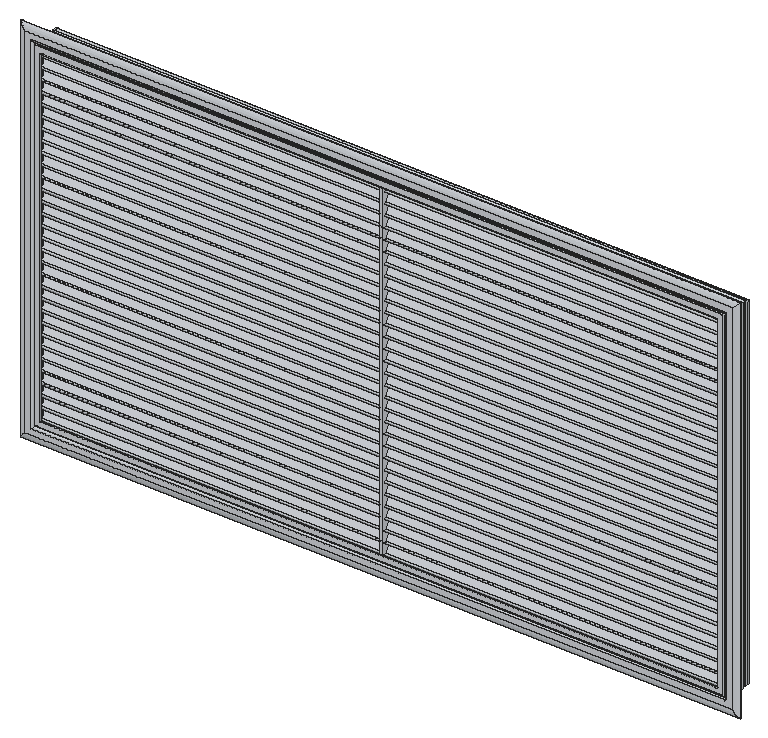
Revit family "10402_GMHB", category Air Terminals, Revit 2012
Parameters (values of type "GMHB")
  Visible_Texto = or(Medida_Requerida_Horizontal < 6", Medida_Requerida_Horizontal > 48", Medida_Requerida_Vertical < 6", Medida_Requerida_Vertical > 24", not(and(Medida_Requerida_Horizontal = Var1_H, Medida_Requerida_Vertical = Var1_V)))  # no
  Var1_V = if(Medida_Requerida_Vertical < 6", 6", if(Medida_Requerida_Vertical > 24", 24", rounddown(Medida_Requerida_Vertical / 2") * 2"))  # 24"
  Var1_H = if(Medida_Requerida_Horizontal < 6", 6", if(Medida_Requerida_Horizontal > 48", 48", rounddown(Medida_Requerida_Horizontal / 2") * 2"))  # 48"
  URL = "https://www.innes.com.mx"
  Type Comments = "Separación entre aletas de 3/4\""
  Tipo de Cuello = "Cuadrado/Rectangular"
  Posición de Instalación = "Muro"
  Nota1 = if(Medida_Requerida_Horizontal < 6", "Medida horizontal no disponible, mínimo 6 in", if(Medida_Requerida_Horizontal > 48", "Medida horizontal no disponible, máximo 48 in", if(Medida_Requerida_Vertical < 6", "Medida vertical no disponible, mínimo 6 in", if(Medida_Requerida_Vertical > 24", "Medida vertical no disponible, máximo 24 in", if(and(Medida_Requerida_Horizontal = Var1_H, Medida_Requerida_Vertical = Var1_V), ".", "Medida no Válida. Sólo incrementos de 2 in")))))  # "."
  Model = "GMHB"
  Medida_Requerida_Vertical = 24"
  Medida_Requerida_Horizontal = 48"
  Material = "Aluminio"
  Manufacturer = "INNES"
  Incrementos de Cuello = "de 2\""
  Función = "Extracción/Retorno"
  Description = "Rejilla de extracción o retorno"
  Deflexión = "a 30°"
  Cuello Mín-Máx Rectangular = "Desde 8\"x6\" a 48\"x24\""
  Cuello Mín-Máx Cuadrado = "Desde 6\"x6\" a 24\"x24\""
  Conect_V = if(Medida_Requerida_Vertical < 6", 5 7/8", if(Medida_Requerida_Vertical > 24", 23 7/8", (rounddown(Medida_Requerida_Vertical / 2") * 2") - 1/8"))  # 23 7/8"
  Conect_H = if(Medida_Requerida_Horizontal < 6", 5 7/8", if(Medida_Requerida_Horizontal > 48", 47 7/8", (rounddown(Medida_Requerida_Horizontal / 2") * 2") - 1/8"))  # 47 7/8"
Reference planes (in)
  plane 1 "Center (Front/Back)": y = 0
  plane 2: z = 0
  plane 3 "Center (Left/Right)": x = 0
  plane 4 "Conect": y = 1.4979191
Nested families (in)
  nested 1: "GMHB" at (0, 0, 0), type "GMHB"
  nested 2: "Texto_GMHB" at (-9.7609558, -52.6088265, 0) x (0.7071, -0.7071, 0) z (0, 0, 1), type "texto"
    with Visible_Texto no
Connectors (in)
  hvac at (0, 1.4979191, 0), driven by "Conect_H", driven by "Conect_V"
    settings: index 1, duct flow 0.0 L/s, flow factor 0, pres drop 0.0 Pa, loss coef 0, conn angle 0.00°, conn width 1216.025 mm, conn height 606.425 mm, conn radius 304.8 mm, duct sys type 1, conn prof type 1, flow config 0, flow direction 0, loss method 0, conn ref index -1, conn util no, is conn primary yes, conn desc ""
Definition of nested family "GMHB"
  Parameters (values of type "GMHB")
    No_Aletas = (Medida_Real_V / 3/4") - 1  # 31
    Largo_aleta = Medida_Real_H - 3/8"  # 47 1/2"
    Alto_Division = Medida_Real_V - 3/8"  # 23 1/2"
    Medida_Requerida_V = 24"
    Medida_Requerida_H = 48"
    Medida_Real_V = if(Medida_Requerida_V < 6", 5 7/8", if(Medida_Requerida_V > 24", 23 7/8", (rounddown(Medida_Requerida_V / 2") * 2") - 1/8"))  # 23 7/8"
    Medida_Real_H = if(Medida_Requerida_H < 6", 5 7/8", if(Medida_Requerida_H > 48", 47 7/8", (rounddown(Medida_Requerida_H / 2") * 2") - 1/8"))  # 47 7/8"
  Reference planes (in)
    plane 1 "Center (Front/Back)": y = 0
    plane 2: z = 0
    plane 3 "Center (Left/Right)": x = 0
  Forms (in)
    Sweep 1, solid
      path origin (0, 0, 0) x (1, 0, 0) y (0, 0, 1)
        loop
          line (23.9375, 11.9375) -> (-23.9375, 11.9375) -> (-23.9375, -11.9375) -> (23.9375, -11.9375) -> (23.9375, 11.9375)
      profile origin (23.9375, 0, -11.9375) x (0, -1, 0) y (1, 0, 0)
        loop
          line (-1.11, 0) -> (-1.4979191, 0) -> (-1.62, -0.1068207) -> (-1.69, -0.1068207) -> (-1.76, -0.0368207) -> (-2.0027674, -0.0368207)
          arc (-2.0027674, -0.0368207) -> (-2.0281581, -0.0622114) -> (-2.0027674, -0.087602) r 0.0253906
          line (-2.0027674, -0.087602) -> (-1.7810343, -0.087602) -> (-1.7110343, -0.157602) -> (-1.6009197, -0.157602) -> (-1.4788388, -0.0507812) -> (-1.1419533, -0.0507812) -> (-1.0219533, -0.3007812) -> (-0.8692187, -0.3007812) -> (-0.8692187, -0.5407812)
          arc (-0.8692187, -0.5407812) -> (-0.8438281, -0.5661719) -> (-0.8184375, -0.5407812) r 0.0253906
          line (-0.8184375, -0.5407812) -> (-0.8184375, -0.1615625) -> (-0.67, -0.1615625)
          arc (-0.67, -0.1615625) -> (-0.6553553, -0.1969178) -> (-0.62, -0.2115625) r 0.05
          line (-0.62, -0.2115625) -> (-0.2492187, -0.2115625)
          arc (-0.2492187, -0.2115625) -> (-0.2138634, -0.1969178) -> (-0.1992188, -0.1615625) r 0.05
          line (-0.1992188, -0.1615625) -> (-0.0746202, -0.1615625)
          arc (-0.0746202, -0.1615625) -> (-0.0577635, -0.1685448) -> (-0.0507812, -0.1854015) r 0.023839
          line (-0.0507812, -0.1854015) -> (-0.0507812, -0.5407812)
          arc (-0.0507812, -0.5407812) -> (-0.0253906, -0.5661719) -> (0, -0.5407812) r 0.0253906
          line (0, -0.5407812) -> (0, -0.1632)
          arc (0, -0.1632) -> (-0.0153531, -0.1261343) -> (-0.0524187, -0.1107812) r 0.0524187
          line (-0.0524187, -0.1107812) -> (-0.1992188, -0.1107812)
          arc (-0.1992188, -0.1107812) -> (-0.2345741, -0.1254259) -> (-0.2492188, -0.1607812) r 0.05
          line (-0.2492188, -0.1607812) -> (-0.62, -0.1607812)
          arc (-0.62, -0.1607812) -> (-0.6346447, -0.1254259) -> (-0.67, -0.1107812) r 0.05
          line (-0.67, -0.1107812) -> (-0.8076048, -0.1107812)
          arc (-0.8076048, -0.1107812) -> (-0.8511724, -0.1288276) -> (-0.8692187, -0.1723952) r 0.0616139
          line (-0.8692187, -0.1723952) -> (-0.8692187, -0.0507812) -> (-0.1335845, -0.0507812)
          arc (-0.1335845, -0.0507812) -> (-0.039126, -0.0116553) -> (0, 0.0828033) r 0.1335845
          line (0, 0.0828033) -> (0, 0.4998699)
          arc (0, 0.4998699) -> (-0.0346539, 0.7289355) -> (-0.1355141, 0.9375) r 0.7743996
          line (-0.1355141, 0.9375) -> (-0.17, 0.9375) -> (-0.17, 0.6375) -> (-0.12, 0.6375) -> (-0.12, 0.5175) -> (-0.17, 0.5175) -> (-0.17, 0.3475) -> (-0.12, 0.3475) -> (-0.12, 0.3975) -> (-0.07, 0.3975) -> (-0.07, 0) -> (-0.12, 0) -> (-0.12, 0.075395) -> (-0.17, 0.075395) -> (-0.17, 0) -> (-0.92, 0) -> (-0.92, -0.25) -> (-0.99, -0.25) -> (-1.11, 0)
    Extrusion 2, solid
      sketch origin (-23.7259375, 0.62, 11.7259375) x (0, -1, 0) y (-1, 0, 0)
        loop
          line (0.4207813, -23.6511571) -> (-0.1984375, -23.6511571) -> (-0.1984375, -23.8007179) -> (0.4207813, -23.8007179) -> (0.4207813, -23.6511571)
      from 0 to 23.5 <- "Alto_Division"
    Extrusion 3, solid
      sketch origin (-23.6693207, -9.423887, 5.8365738) x (0, 0, 1) y (0, -1, 0)
        loop
          line (5.1770541, -9.9330682) -> (5.6100668, -10.1830682)
          arc (5.6100668, -10.1830682) -> (5.6500871, -10.1723448) -> (5.6393637, -10.1323245) r 0.0292969
          line (5.6393637, -10.1323245) -> (5.206351, -9.8823245)
          arc (5.206351, -9.8823245) -> (5.0579514, -9.8304751) -> (5.1770541, -9.9330682) r 0.08
      from 0 to 47.5 <- "Largo_aleta"
    Extrusion 4, solid, not visible
      sketch origin (-8.7259375, 0.6913336, -9.8550318) x (0, 0, 1) y (0, -1, 0)
        loop
          line (8.1770541, -9.9330682) -> (8.6100668, -10.1830682)
          arc (8.6100668, -10.1830682) -> (8.6500871, -10.1723448) -> (8.6393637, -10.1323245) r 0.0292969
          line (8.6393637, -10.1323245) -> (8.206351, -9.8823245)
          arc (8.206351, -9.8823245) -> (8.0579514, -9.8304751) -> (8.1770541, -9.9330682) r 0.08
      from 0 to 12
    Extrusion 5, solid
      sketch origin (-23.6693207, -9.423887, 5.0865738) x (0, 0, 1) y (0, -1, 0)
        loop
          line (5.1770541, -9.9330682) -> (5.6100668, -10.1830682)
          arc (5.6100668, -10.1830682) -> (5.6500871, -10.1723448) -> (5.6393637, -10.1323245) r 0.0292969
          line (5.6393637, -10.1323245) -> (5.206351, -9.8823245)
          arc (5.206351, -9.8823245) -> (5.0579514, -9.8304751) -> (5.1770541, -9.9330682) r 0.08
      from 0 to 47.5 <- "Largo_aleta"
    Extrusion 6, solid
      sketch origin (-23.6693207, -9.423887, 4.3365738) x (0, 0, 1) y (0, -1, 0)
        loop
          line (5.1770541, -9.9330682) -> (5.6100668, -10.1830682)
          arc (5.6100668, -10.1830682) -> (5.6500871, -10.1723448) -> (5.6393637, -10.1323245) r 0.0292969
          line (5.6393637, -10.1323245) -> (5.206351, -9.8823245)
          arc (5.206351, -9.8823245) -> (5.0579514, -9.8304751) -> (5.1770541, -9.9330682) r 0.08
      from 0 to 47.5 <- "Largo_aleta"
    Extrusion 7, solid
      sketch origin (-23.6693207, -9.423887, 3.5865738) x (0, 0, 1) y (0, -1, 0)
        loop
          line (5.1770541, -9.9330682) -> (5.6100668, -10.1830682)
          arc (5.6100668, -10.1830682) -> (5.6500871, -10.1723448) -> (5.6393637, -10.1323245) r 0.0292969
          line (5.6393637, -10.1323245) -> (5.206351, -9.8823245)
          arc (5.206351, -9.8823245) -> (5.0579514, -9.8304751) -> (5.1770541, -9.9330682) r 0.08
      from 0 to 47.5 <- "Largo_aleta"
    Extrusion 8, solid
      sketch origin (-23.6693207, -9.423887, 2.8365738) x (0, 0, 1) y (0, -1, 0)
        loop
          line (5.1770541, -9.9330682) -> (5.6100668, -10.1830682)
          arc (5.6100668, -10.1830682) -> (5.6500871, -10.1723448) -> (5.6393637, -10.1323245) r 0.0292969
          line (5.6393637, -10.1323245) -> (5.206351, -9.8823245)
          arc (5.206351, -9.8823245) -> (5.0579514, -9.8304751) -> (5.1770541, -9.9330682) r 0.08
      from 0 to 47.5 <- "Largo_aleta"
    Extrusion 9, solid
      sketch origin (-23.6693207, -9.423887, 2.0865738) x (0, 0, 1) y (0, -1, 0)
        loop
          line (5.1770541, -9.9330682) -> (5.6100668, -10.1830682)
          arc (5.6100668, -10.1830682) -> (5.6500871, -10.1723448) -> (5.6393637, -10.1323245) r 0.0292969
          line (5.6393637, -10.1323245) -> (5.206351, -9.8823245)
          arc (5.206351, -9.8823245) -> (5.0579514, -9.8304751) -> (5.1770541, -9.9330682) r 0.08
      from 0 to 47.5 <- "Largo_aleta"
    Extrusion 10, solid
      sketch origin (-23.6693207, -9.423887, 1.3365738) x (0, 0, 1) y (0, -1, 0)
        loop
          line (5.1770541, -9.9330682) -> (5.6100668, -10.1830682)
          arc (5.6100668, -10.1830682) -> (5.6500871, -10.1723448) -> (5.6393637, -10.1323245) r 0.0292969
          line (5.6393637, -10.1323245) -> (5.206351, -9.8823245)
          arc (5.206351, -9.8823245) -> (5.0579514, -9.8304751) -> (5.1770541, -9.9330682) r 0.08
      from 0 to 47.5 <- "Largo_aleta"
    Extrusion 11, solid
      sketch origin (-23.6693207, -9.423887, 0.5865738) x (0, 0, 1) y (0, -1, 0)
        loop
          line (5.1770541, -9.9330682) -> (5.6100668, -10.1830682)
          arc (5.6100668, -10.1830682) -> (5.6500871, -10.1723448) -> (5.6393637, -10.1323245) r 0.0292969
          line (5.6393637, -10.1323245) -> (5.206351, -9.8823245)
          arc (5.206351, -9.8823245) -> (5.0579514, -9.8304751) -> (5.1770541, -9.9330682) r 0.08
      from 0 to 47.5 <- "Largo_aleta"
    Extrusion 12, solid
      sketch origin (-23.6693207, -9.423887, -0.1634262) x (0, 0, 1) y (0, -1, 0)
        loop
          line (5.1770541, -9.9330682) -> (5.6100668, -10.1830682)
          arc (5.6100668, -10.1830682) -> (5.6500871, -10.1723448) -> (5.6393637, -10.1323245) r 0.0292969
          line (5.6393637, -10.1323245) -> (5.206351, -9.8823245)
          arc (5.206351, -9.8823245) -> (5.0579514, -9.8304751) -> (5.1770541, -9.9330682) r 0.08
      from 0 to 47.5 <- "Largo_aleta"
    Extrusion 13, solid
      sketch origin (-23.6693207, -9.423887, -0.9134262) x (0, 0, 1) y (0, -1, 0)
        loop
          line (5.1770541, -9.9330682) -> (5.6100668, -10.1830682)
          arc (5.6100668, -10.1830682) -> (5.6500871, -10.1723448) -> (5.6393637, -10.1323245) r 0.0292969
          line (5.6393637, -10.1323245) -> (5.206351, -9.8823245)
          arc (5.206351, -9.8823245) -> (5.0579514, -9.8304751) -> (5.1770541, -9.9330682) r 0.08
      from 0 to 47.5 <- "Largo_aleta"
    Extrusion 14, solid
      sketch origin (-23.6693207, -9.423887, -1.6634262) x (0, 0, 1) y (0, -1, 0)
        loop
          line (5.1770541, -9.9330682) -> (5.6100668, -10.1830682)
          arc (5.6100668, -10.1830682) -> (5.6500871, -10.1723448) -> (5.6393637, -10.1323245) r 0.0292969
          line (5.6393637, -10.1323245) -> (5.206351, -9.8823245)
          arc (5.206351, -9.8823245) -> (5.0579514, -9.8304751) -> (5.1770541, -9.9330682) r 0.08
      from 0 to 47.5 <- "Largo_aleta"
    Extrusion 15, solid
      sketch origin (-23.6693207, -9.423887, -2.4134262) x (0, 0, 1) y (0, -1, 0)
        loop
          line (5.1770541, -9.9330682) -> (5.6100668, -10.1830682)
          arc (5.6100668, -10.1830682) -> (5.6500871, -10.1723448) -> (5.6393637, -10.1323245) r 0.0292969
          line (5.6393637, -10.1323245) -> (5.206351, -9.8823245)
          arc (5.206351, -9.8823245) -> (5.0579514, -9.8304751) -> (5.1770541, -9.9330682) r 0.08
      from 0 to 47.5 <- "Largo_aleta"
    Extrusion 16, solid
      sketch origin (-23.6693207, -9.423887, -3.1634262) x (0, 0, 1) y (0, -1, 0)
        loop
          line (5.1770541, -9.9330682) -> (5.6100668, -10.1830682)
          arc (5.6100668, -10.1830682) -> (5.6500871, -10.1723448) -> (5.6393637, -10.1323245) r 0.0292969
          line (5.6393637, -10.1323245) -> (5.206351, -9.8823245)
          arc (5.206351, -9.8823245) -> (5.0579514, -9.8304751) -> (5.1770541, -9.9330682) r 0.08
      from 0 to 47.5 <- "Largo_aleta"
    Extrusion 17, solid
      sketch origin (-23.6693207, -9.423887, -3.9134262) x (0, 0, 1) y (0, -1, 0)
        loop
          line (5.1770541, -9.9330682) -> (5.6100668, -10.1830682)
          arc (5.6100668, -10.1830682) -> (5.6500871, -10.1723448) -> (5.6393637, -10.1323245) r 0.0292969
          line (5.6393637, -10.1323245) -> (5.206351, -9.8823245)
          arc (5.206351, -9.8823245) -> (5.0579514, -9.8304751) -> (5.1770541, -9.9330682) r 0.08
      from 0 to 47.5 <- "Largo_aleta"
    Extrusion 18, solid
      sketch origin (-23.6693207, -9.423887, -4.6634262) x (0, 0, 1) y (0, -1, 0)
        loop
          line (5.1770541, -9.9330682) -> (5.6100668, -10.1830682)
          arc (5.6100668, -10.1830682) -> (5.6500871, -10.1723448) -> (5.6393637, -10.1323245) r 0.0292969
          line (5.6393637, -10.1323245) -> (5.206351, -9.8823245)
          arc (5.206351, -9.8823245) -> (5.0579514, -9.8304751) -> (5.1770541, -9.9330682) r 0.08
      from 0 to 47.5 <- "Largo_aleta"
    Extrusion 19, solid
      sketch origin (-23.6693207, -9.423887, -5.4134262) x (0, 0, 1) y (0, -1, 0)
        loop
          line (5.1770541, -9.9330682) -> (5.6100668, -10.1830682)
          arc (5.6100668, -10.1830682) -> (5.6500871, -10.1723448) -> (5.6393637, -10.1323245) r 0.0292969
          line (5.6393637, -10.1323245) -> (5.206351, -9.8823245)
          arc (5.206351, -9.8823245) -> (5.0579514, -9.8304751) -> (5.1770541, -9.9330682) r 0.08
      from 0 to 47.5 <- "Largo_aleta"
    Extrusion 20, solid
      sketch origin (-23.6693207, -9.423887, -6.1634262) x (0, 0, 1) y (0, -1, 0)
        loop
          line (5.1770541, -9.9330682) -> (5.6100668, -10.1830682)
          arc (5.6100668, -10.1830682) -> (5.6500871, -10.1723448) -> (5.6393637, -10.1323245) r 0.0292969
          line (5.6393637, -10.1323245) -> (5.206351, -9.8823245)
          arc (5.206351, -9.8823245) -> (5.0579514, -9.8304751) -> (5.1770541, -9.9330682) r 0.08
      from 0 to 47.5 <- "Largo_aleta"
    Extrusion 21, solid
      sketch origin (-23.6693207, -9.423887, -6.9134262) x (0, 0, 1) y (0, -1, 0)
        loop
          line (5.1770541, -9.9330682) -> (5.6100668, -10.1830682)
          arc (5.6100668, -10.1830682) -> (5.6500871, -10.1723448) -> (5.6393637, -10.1323245) r 0.0292969
          line (5.6393637, -10.1323245) -> (5.206351, -9.8823245)
          arc (5.206351, -9.8823245) -> (5.0579514, -9.8304751) -> (5.1770541, -9.9330682) r 0.08
      from 0 to 47.5 <- "Largo_aleta"
    Extrusion 22, solid
      sketch origin (-23.6693207, -9.423887, -7.6634262) x (0, 0, 1) y (0, -1, 0)
        loop
          line (5.1770541, -9.9330682) -> (5.6100668, -10.1830682)
          arc (5.6100668, -10.1830682) -> (5.6500871, -10.1723448) -> (5.6393637, -10.1323245) r 0.0292969
          line (5.6393637, -10.1323245) -> (5.206351, -9.8823245)
          arc (5.206351, -9.8823245) -> (5.0579514, -9.8304751) -> (5.1770541, -9.9330682) r 0.08
      from 0 to 47.5 <- "Largo_aleta"
    Extrusion 23, solid
      sketch origin (-23.6693207, -9.423887, -8.4134262) x (0, 0, 1) y (0, -1, 0)
        loop
          line (5.1770541, -9.9330682) -> (5.6100668, -10.1830682)
          arc (5.6100668, -10.1830682) -> (5.6500871, -10.1723448) -> (5.6393637, -10.1323245) r 0.0292969
          line (5.6393637, -10.1323245) -> (5.206351, -9.8823245)
          arc (5.206351, -9.8823245) -> (5.0579514, -9.8304751) -> (5.1770541, -9.9330682) r 0.08
      from 0 to 47.5 <- "Largo_aleta"
    Extrusion 24, solid
      sketch origin (-23.6693207, -9.423887, -9.1634262) x (0, 0, 1) y (0, -1, 0)
        loop
          line (5.1770541, -9.9330682) -> (5.6100668, -10.1830682)
          arc (5.6100668, -10.1830682) -> (5.6500871, -10.1723448) -> (5.6393637, -10.1323245) r 0.0292969
          line (5.6393637, -10.1323245) -> (5.206351, -9.8823245)
          arc (5.206351, -9.8823245) -> (5.0579514, -9.8304751) -> (5.1770541, -9.9330682) r 0.08
      from 0 to 47.5 <- "Largo_aleta"
    Extrusion 25, solid
      sketch origin (-23.6693207, -9.423887, -9.9134262) x (0, 0, 1) y (0, -1, 0)
        loop
          line (5.1770541, -9.9330682) -> (5.6100668, -10.1830682)
          arc (5.6100668, -10.1830682) -> (5.6500871, -10.1723448) -> (5.6393637, -10.1323245) r 0.0292969
          line (5.6393637, -10.1323245) -> (5.206351, -9.8823245)
          arc (5.206351, -9.8823245) -> (5.0579514, -9.8304751) -> (5.1770541, -9.9330682) r 0.08
      from 0 to 47.5 <- "Largo_aleta"
    Extrusion 26, solid
      sketch origin (-23.6693207, -9.423887, -10.6634262) x (0, 0, 1) y (0, -1, 0)
        loop
          line (5.1770541, -9.9330682) -> (5.6100668, -10.1830682)
          arc (5.6100668, -10.1830682) -> (5.6500871, -10.1723448) -> (5.6393637, -10.1323245) r 0.0292969
          line (5.6393637, -10.1323245) -> (5.206351, -9.8823245)
          arc (5.206351, -9.8823245) -> (5.0579514, -9.8304751) -> (5.1770541, -9.9330682) r 0.08
      from 0 to 47.5 <- "Largo_aleta"
    Extrusion 27, solid
      sketch origin (-23.6693207, -9.423887, -11.4134262) x (0, 0, 1) y (0, -1, 0)
        loop
          line (5.1770541, -9.9330682) -> (5.6100668, -10.1830682)
          arc (5.6100668, -10.1830682) -> (5.6500871, -10.1723448) -> (5.6393637, -10.1323245) r 0.0292969
          line (5.6393637, -10.1323245) -> (5.206351, -9.8823245)
          arc (5.206351, -9.8823245) -> (5.0579514, -9.8304751) -> (5.1770541, -9.9330682) r 0.08
      from 0 to 47.5 <- "Largo_aleta"
    Extrusion 28, solid
      sketch origin (-23.6693207, -9.423887, -12.1634262) x (0, 0, 1) y (0, -1, 0)
        loop
          line (5.1770541, -9.9330682) -> (5.6100668, -10.1830682)
          arc (5.6100668, -10.1830682) -> (5.6500871, -10.1723448) -> (5.6393637, -10.1323245) r 0.0292969
          line (5.6393637, -10.1323245) -> (5.206351, -9.8823245)
          arc (5.206351, -9.8823245) -> (5.0579514, -9.8304751) -> (5.1770541, -9.9330682) r 0.08
      from 0 to 47.5 <- "Largo_aleta"
    Extrusion 29, solid
      sketch origin (-23.6693207, -9.423887, -12.9134262) x (0, 0, 1) y (0, -1, 0)
        loop
          line (5.1770541, -9.9330682) -> (5.6100668, -10.1830682)
          arc (5.6100668, -10.1830682) -> (5.6500871, -10.1723448) -> (5.6393637, -10.1323245) r 0.0292969
          line (5.6393637, -10.1323245) -> (5.206351, -9.8823245)
          arc (5.206351, -9.8823245) -> (5.0579514, -9.8304751) -> (5.1770541, -9.9330682) r 0.08
      from 0 to 47.5 <- "Largo_aleta"
    Extrusion 30, solid
      sketch origin (-23.6693207, -9.423887, -13.6634262) x (0, 0, 1) y (0, -1, 0)
        loop
          line (5.1770541, -9.9330682) -> (5.6100668, -10.1830682)
          arc (5.6100668, -10.1830682) -> (5.6500871, -10.1723448) -> (5.6393637, -10.1323245) r 0.0292969
          line (5.6393637, -10.1323245) -> (5.206351, -9.8823245)
          arc (5.206351, -9.8823245) -> (5.0579514, -9.8304751) -> (5.1770541, -9.9330682) r 0.08
      from 0 to 47.5 <- "Largo_aleta"
    Extrusion 31, solid
      sketch origin (-23.6693207, -9.423887, -14.4134262) x (0, 0, 1) y (0, -1, 0)
        loop
          line (5.1770541, -9.9330682) -> (5.6100668, -10.1830682)
          arc (5.6100668, -10.1830682) -> (5.6500871, -10.1723448) -> (5.6393637, -10.1323245) r 0.0292969
          line (5.6393637, -10.1323245) -> (5.206351, -9.8823245)
          arc (5.206351, -9.8823245) -> (5.0579514, -9.8304751) -> (5.1770541, -9.9330682) r 0.08
      from 0 to 47.5 <- "Largo_aleta"
    Extrusion 32, solid
      sketch origin (-23.6693207, -9.423887, -15.1634262) x (0, 0, 1) y (0, -1, 0)
        loop
          line (5.1770541, -9.9330682) -> (5.6100668, -10.1830682)
          arc (5.6100668, -10.1830682) -> (5.6500871, -10.1723448) -> (5.6393637, -10.1323245) r 0.0292969
          line (5.6393637, -10.1323245) -> (5.206351, -9.8823245)
          arc (5.206351, -9.8823245) -> (5.0579514, -9.8304751) -> (5.1770541, -9.9330682) r 0.08
      from 0 to 47.5 <- "Largo_aleta"
    Extrusion 33, solid
      sketch origin (-23.6693207, -9.423887, -15.9134262) x (0, 0, 1) y (0, -1, 0)
        loop
          line (5.1770541, -9.9330682) -> (5.6100668, -10.1830682)
          arc (5.6100668, -10.1830682) -> (5.6500871, -10.1723448) -> (5.6393637, -10.1323245) r 0.0292969
          line (5.6393637, -10.1323245) -> (5.206351, -9.8823245)
          arc (5.206351, -9.8823245) -> (5.0579514, -9.8304751) -> (5.1770541, -9.9330682) r 0.08
      from 0 to 47.5 <- "Largo_aleta"
    Extrusion 34, solid
      sketch origin (-23.6693207, -9.423887, -16.6634262) x (0, 0, 1) y (0, -1, 0)
        loop
          line (5.1770541, -9.9330682) -> (5.6100668, -10.1830682)
          arc (5.6100668, -10.1830682) -> (5.6500871, -10.1723448) -> (5.6393637, -10.1323245) r 0.0292969
          line (5.6393637, -10.1323245) -> (5.206351, -9.8823245)
          arc (5.206351, -9.8823245) -> (5.0579514, -9.8304751) -> (5.1770541, -9.9330682) r 0.08
      from 0 to 47.5 <- "Largo_aleta"
  Dimensions and locks (in)
    "Medida_Real_H": Sweep 1 to Sweep 1
    equal spacing: Sweep 1, plane 3 "Center (Left/Right)", Sweep 1
    "Medida_Real_V": Sweep 1 to Sweep 1
    equal spacing: Sweep 1, level, Sweep 1
    equal spacing: Extrusion 2 sketch curve, plane 3 "Center (Left/Right)", Extrusion 2 sketch curve
    locked: Extrusion 2 to Extrusion 2 at 0.1495608
    locked: Extrusion 3 to Sweep 1 at 0.25
    locked: Extrusion 3 to Sweep 1 at 0.11
    equal spacing: group 2, group 3, group 4, group 5, group 6, group 7, group 8, group 9, group 10, group 11, group 12, group 13, group 14, group 15, group 16, group 17, group 18, group 19, group 20, group 21, group 22, group 23, group 24, group 25, group 26, group 27, group 28, group 29, group 30, group 31, group 32  (x2)
    equal spacing: group 32, group 31, group 30, group 29, group 28, group 27, group 26, group 25, group 24, group 23, group 22, group 21, group 20, group 19, group 18, group 17, group 16, group 15, group 14, group 13, group 12, group 11, group 10, group 9, group 8, group 7, group 6, group 5, group 4, group 3, group 2
    locked: Extrusion 5 to Sweep 1 at 0.11
    locked: Extrusion 3 to Extrusion 5 at 0.75
    aligned and locked: Sweep 1 to Extrusion 3
    aligned and locked: Extrusion 5 to Extrusion 3
  Automatic sketch dimensions
    Sweep 1 sketch curve to plane 3 "Center (Left/Right)" = 23 15/16"
    plane 3 "Center (Left/Right)" to Sweep 1 sketch curve = 23 15/16"
    Sweep 1 sketch curve to level = 11 15/16"
    level to Sweep 1 sketch curve = 11 15/16"
    profile plane to Sweep 1 sketch curve = 0.03682"
    Sweep 1 sketch curve to profile plane = 0"  (x3)
    plane 1 "Center (Front/Back)" to Sweep 1 sketch curve = 0"  (x2)
    Sweep 1 sketch curve to Sweep 1 sketch curve = 0.02539"  (x2)
    Sweep 1 sketch curve to Sweep 1 sketch curve = 0.00164"
    Sweep 1 sketch curve to plane 1 "Center (Front/Back)" = 0.07"
    Sweep 1 sketch curve to Sweep 1 sketch curve = 0.0222"
    Sweep 1 sketch curve to Sweep 1 sketch curve = 0.05"  (x7)
    Sweep 1 sketch curve to plane 1 "Center (Front/Back)" = 0.12"
    Sweep 1 sketch curve to Sweep 1 sketch curve = 0.01358"
    Sweep 1 sketch curve to plane 1 "Center (Front/Back)" = 0.13551"
    Sweep 1 sketch curve to Sweep 1 sketch curve = 0.03449"
    Sweep 1 sketch curve to Sweep 1 sketch curve = 0.06563"
    Sweep 1 sketch curve to Sweep 1 sketch curve = 0"  (x5)
    profile plane to Sweep 1 sketch curve = 0.21156"
    Sweep 1 sketch curve to Sweep 1 sketch curve = 0.37078"
    Sweep 1 sketch curve to Sweep 1 sketch curve = 0.6044"
    Sweep 1 sketch curve to Sweep 1 sketch curve = 0.1376"
    Sweep 1 sketch curve to Sweep 1 sketch curve = 0.01083"  (x2)
    Sweep 1 sketch curve to Sweep 1 sketch curve = 0.06161"
    Sweep 1 sketch curve to Sweep 1 sketch curve = 13/256"  (x3)
    profile plane to Sweep 1 sketch curve = 1/4"
    Sweep 1 sketch curve to Sweep 1 sketch curve = 0.07"  (x3)
    Sweep 1 sketch curve to Sweep 1 sketch curve = 0.03195"  (x2)
    Sweep 1 sketch curve to Sweep 1 sketch curve = 0.19"
    profile plane to Sweep 1 sketch curve = 13/256"  (x2)
    Sweep 1 sketch curve to Sweep 1 sketch curve = 0.33689"
    Sweep 1 sketch curve to Sweep 1 sketch curve = 0.01908"  (x2)
    Sweep 1 sketch curve to Sweep 1 sketch curve = 0.12208"
    profile plane to Sweep 1 sketch curve = 0.10682"
    Sweep 1 sketch curve to Sweep 1 sketch curve = 0.02103"  (x2)
    profile plane to Sweep 1 sketch curve = 0.0876"
    Sweep 1 sketch curve to Sweep 1 sketch curve = 0.22173"
    Sweep 1 sketch curve to Sweep 1 sketch curve = 0.24"
    Sweep 1 sketch curve to Sweep 1 sketch curve = 0.35538"
    Sweep 1 sketch curve to Sweep 1 sketch curve = 0.00741"
    Sweep 1 sketch curve to Sweep 1 sketch curve = 0.2647"
    Sweep 1 sketch curve to Sweep 1 sketch curve = 0.10237"
    Sweep 1 sketch curve to Sweep 1 sketch curve = 0.12"  (x2)
    Sweep 1 to Extrusion 2 sketch curve = 0.19844"
    Extrusion 2 sketch curve to Sweep 1 = 0.05"
    Extrusion 2 sketch curve to Sweep 1 = 23.65116"
    Extrusion 3 sketch curve to Extrusion 3 sketch curve = 0.04982"
    Extrusion 3 sketch curve to Extrusion 3 sketch curve = 0.0293"
    Extrusion 3 sketch curve to Extrusion 3 sketch curve = 0.43301"
    Extrusion 3 sketch curve to Extrusion 3 sketch curve = 0.01465"  (x2)
    Extrusion 3 sketch curve to Extrusion 3 sketch curve = 0.02537"
    Extrusion 3 sketch curve to Extrusion 3 sketch curve = 1/4"
    Extrusion 3 sketch curve to Extrusion 3 sketch curve = 0.05074"
    Extrusion 4 sketch curve to Extrusion 4 sketch curve = 0.04982"
    Extrusion 4 sketch curve to Extrusion 4 sketch curve = 0.0293"
    Extrusion 4 sketch curve to Extrusion 4 sketch curve = 0.43301"
    Extrusion 4 sketch curve to Extrusion 4 sketch curve = 0.01465"  (x2)
    Extrusion 4 sketch curve to Extrusion 4 sketch curve = 0.02537"
    Extrusion 4 sketch curve to Extrusion 4 sketch curve = 1/4"
    Extrusion 4 sketch curve to Extrusion 4 sketch curve = 0.05074"
    Extrusion 5 sketch curve to Extrusion 5 sketch curve = 0.04982"
    Extrusion 5 sketch curve to Extrusion 5 sketch curve = 0.0293"
    Extrusion 5 sketch curve to Extrusion 5 sketch curve = 0.43301"
    Extrusion 5 sketch curve to Extrusion 5 sketch curve = 0.01465"  (x2)
    Extrusion 5 sketch curve to Extrusion 5 sketch curve = 0.02537"
    Extrusion 5 sketch curve to Extrusion 5 sketch curve = 1/4"
    Extrusion 5 sketch curve to Extrusion 5 sketch curve = 0.05074"
    Extrusion 6 sketch curve to Extrusion 6 sketch curve = 0.04982"
    Extrusion 6 sketch curve to Extrusion 6 sketch curve = 0.0293"
    Extrusion 6 sketch curve to Extrusion 6 sketch curve = 0.43301"
    Extrusion 6 sketch curve to Extrusion 6 sketch curve = 0.01465"  (x2)
    Extrusion 6 sketch curve to Extrusion 6 sketch curve = 0.02537"
    Extrusion 6 sketch curve to Extrusion 6 sketch curve = 1/4"
    Extrusion 6 sketch curve to Extrusion 6 sketch curve = 0.05074"
    Extrusion 7 sketch curve to Extrusion 7 sketch curve = 0.04982"
    Extrusion 7 sketch curve to Extrusion 7 sketch curve = 0.0293"
    Extrusion 7 sketch curve to Extrusion 7 sketch curve = 0.43301"
    Extrusion 7 sketch curve to Extrusion 7 sketch curve = 0.01465"  (x2)
    Extrusion 7 sketch curve to Extrusion 7 sketch curve = 0.02537"
    Extrusion 7 sketch curve to Extrusion 7 sketch curve = 1/4"
    Extrusion 7 sketch curve to Extrusion 7 sketch curve = 0.05074"
    Extrusion 8 sketch curve to Extrusion 8 sketch curve = 0.04982"
    Extrusion 8 sketch curve to Extrusion 8 sketch curve = 0.0293"
    Extrusion 8 sketch curve to Extrusion 8 sketch curve = 0.43301"
    Extrusion 8 sketch curve to Extrusion 8 sketch curve = 0.01465"  (x2)
    Extrusion 8 sketch curve to Extrusion 8 sketch curve = 0.02537"
    Extrusion 8 sketch curve to Extrusion 8 sketch curve = 1/4"
    Extrusion 8 sketch curve to Extrusion 8 sketch curve = 0.05074"
    Extrusion 9 sketch curve to Extrusion 9 sketch curve = 0.04982"
    Extrusion 9 sketch curve to Extrusion 9 sketch curve = 0.0293"
    Extrusion 9 sketch curve to Extrusion 9 sketch curve = 0.43301"
    Extrusion 9 sketch curve to Extrusion 9 sketch curve = 0.01465"  (x2)
    Extrusion 9 sketch curve to Extrusion 9 sketch curve = 0.02537"
    Extrusion 9 sketch curve to Extrusion 9 sketch curve = 1/4"
    Extrusion 9 sketch curve to Extrusion 9 sketch curve = 0.05074"
    Extrusion 10 sketch curve to Extrusion 10 sketch curve = 0.04982"
    Extrusion 10 sketch curve to Extrusion 10 sketch curve = 0.0293"
    Extrusion 10 sketch curve to Extrusion 10 sketch curve = 0.43301"
    Extrusion 10 sketch curve to Extrusion 10 sketch curve = 0.01465"  (x2)
    Extrusion 10 sketch curve to Extrusion 10 sketch curve = 0.02537"
    Extrusion 10 sketch curve to Extrusion 10 sketch curve = 1/4"
    Extrusion 10 sketch curve to Extrusion 10 sketch curve = 0.05074"
    Extrusion 11 sketch curve to Extrusion 11 sketch curve = 0.04982"
    Extrusion 11 sketch curve to Extrusion 11 sketch curve = 0.0293"
    Extrusion 11 sketch curve to Extrusion 11 sketch curve = 0.43301"
    Extrusion 11 sketch curve to Extrusion 11 sketch curve = 0.01465"  (x2)
    Extrusion 11 sketch curve to Extrusion 11 sketch curve = 0.02537"
    Extrusion 11 sketch curve to Extrusion 11 sketch curve = 1/4"
    Extrusion 11 sketch curve to Extrusion 11 sketch curve = 0.05074"
    Extrusion 12 sketch curve to Extrusion 12 sketch curve = 0.04982"
    Extrusion 12 sketch curve to Extrusion 12 sketch curve = 0.0293"
    Extrusion 12 sketch curve to Extrusion 12 sketch curve = 0.43301"
    Extrusion 12 sketch curve to Extrusion 12 sketch curve = 0.01465"  (x2)
    Extrusion 12 sketch curve to Extrusion 12 sketch curve = 0.02537"
    Extrusion 12 sketch curve to Extrusion 12 sketch curve = 1/4"
    Extrusion 12 sketch curve to Extrusion 12 sketch curve = 0.05074"
    Extrusion 13 sketch curve to Extrusion 13 sketch curve = 0.04982"
    Extrusion 13 sketch curve to Extrusion 13 sketch curve = 0.0293"
    Extrusion 13 sketch curve to Extrusion 13 sketch curve = 0.43301"
    Extrusion 13 sketch curve to Extrusion 13 sketch curve = 0.01465"  (x2)
    Extrusion 13 sketch curve to Extrusion 13 sketch curve = 0.02537"
    Extrusion 13 sketch curve to Extrusion 13 sketch curve = 1/4"
    Extrusion 13 sketch curve to Extrusion 13 sketch curve = 0.05074"
    Extrusion 14 sketch curve to Extrusion 14 sketch curve = 0.04982"
    Extrusion 14 sketch curve to Extrusion 14 sketch curve = 0.0293"
    Extrusion 14 sketch curve to Extrusion 14 sketch curve = 0.43301"
    Extrusion 14 sketch curve to Extrusion 14 sketch curve = 0.01465"  (x2)
    Extrusion 14 sketch curve to Extrusion 14 sketch curve = 0.02537"
    Extrusion 14 sketch curve to Extrusion 14 sketch curve = 1/4"
    Extrusion 14 sketch curve to Extrusion 14 sketch curve = 0.05074"
    Extrusion 15 sketch curve to Extrusion 15 sketch curve = 0.04982"
    Extrusion 15 sketch curve to Extrusion 15 sketch curve = 0.0293"
    Extrusion 15 sketch curve to Extrusion 15 sketch curve = 0.43301"
    Extrusion 15 sketch curve to Extrusion 15 sketch curve = 0.01465"  (x2)
    Extrusion 15 sketch curve to Extrusion 15 sketch curve = 0.02537"
    Extrusion 15 sketch curve to Extrusion 15 sketch curve = 1/4"
    Extrusion 15 sketch curve to Extrusion 15 sketch curve = 0.05074"
    Extrusion 16 sketch curve to Extrusion 16 sketch curve = 0.04982"
    Extrusion 16 sketch curve to Extrusion 16 sketch curve = 0.0293"
    Extrusion 16 sketch curve to Extrusion 16 sketch curve = 0.43301"
    Extrusion 16 sketch curve to Extrusion 16 sketch curve = 0.01465"  (x2)
    Extrusion 16 sketch curve to Extrusion 16 sketch curve = 0.02537"
    Extrusion 16 sketch curve to Extrusion 16 sketch curve = 1/4"
    Extrusion 16 sketch curve to Extrusion 16 sketch curve = 0.05074"
    Extrusion 17 sketch curve to Extrusion 17 sketch curve = 0.04982"
    Extrusion 17 sketch curve to Extrusion 17 sketch curve = 0.0293"
    Extrusion 17 sketch curve to Extrusion 17 sketch curve = 0.43301"
    Extrusion 17 sketch curve to Extrusion 17 sketch curve = 0.01465"  (x2)
    Extrusion 17 sketch curve to Extrusion 17 sketch curve = 0.02537"
    Extrusion 17 sketch curve to Extrusion 17 sketch curve = 1/4"
    Extrusion 17 sketch curve to Extrusion 17 sketch curve = 0.05074"
    Extrusion 18 sketch curve to Extrusion 18 sketch curve = 0.04982"
    Extrusion 18 sketch curve to Extrusion 18 sketch curve = 0.0293"
    Extrusion 18 sketch curve to Extrusion 18 sketch curve = 0.43301"
    Extrusion 18 sketch curve to Extrusion 18 sketch curve = 0.01465"  (x2)
    Extrusion 18 sketch curve to Extrusion 18 sketch curve = 0.02537"
    Extrusion 18 sketch curve to Extrusion 18 sketch curve = 1/4"
    Extrusion 18 sketch curve to Extrusion 18 sketch curve = 0.05074"
    Extrusion 19 sketch curve to Extrusion 19 sketch curve = 0.04982"
    Extrusion 19 sketch curve to Extrusion 19 sketch curve = 0.0293"
    Extrusion 19 sketch curve to Extrusion 19 sketch curve = 0.43301"
    Extrusion 19 sketch curve to Extrusion 19 sketch curve = 0.01465"  (x2)
    Extrusion 19 sketch curve to Extrusion 19 sketch curve = 0.02537"
    Extrusion 19 sketch curve to Extrusion 19 sketch curve = 1/4"
    Extrusion 19 sketch curve to Extrusion 19 sketch curve = 0.05074"
    Extrusion 20 sketch curve to Extrusion 20 sketch curve = 0.04982"
    Extrusion 20 sketch curve to Extrusion 20 sketch curve = 0.0293"
    Extrusion 20 sketch curve to Extrusion 20 sketch curve = 0.43301"
    Extrusion 20 sketch curve to Extrusion 20 sketch curve = 0.01465"  (x2)
    Extrusion 20 sketch curve to Extrusion 20 sketch curve = 0.02537"
    Extrusion 20 sketch curve to Extrusion 20 sketch curve = 1/4"
    Extrusion 20 sketch curve to Extrusion 20 sketch curve = 0.05074"
    Extrusion 21 sketch curve to Extrusion 21 sketch curve = 0.04982"
    Extrusion 21 sketch curve to Extrusion 21 sketch curve = 0.0293"
    Extrusion 21 sketch curve to Extrusion 21 sketch curve = 0.43301"
    Extrusion 21 sketch curve to Extrusion 21 sketch curve = 0.01465"  (x2)
    Extrusion 21 sketch curve to Extrusion 21 sketch curve = 0.02537"
    Extrusion 21 sketch curve to Extrusion 21 sketch curve = 1/4"
    Extrusion 21 sketch curve to Extrusion 21 sketch curve = 0.05074"
    Extrusion 22 sketch curve to Extrusion 22 sketch curve = 0.04982"
    Extrusion 22 sketch curve to Extrusion 22 sketch curve = 0.0293"
    Extrusion 22 sketch curve to Extrusion 22 sketch curve = 0.43301"
    Extrusion 22 sketch curve to Extrusion 22 sketch curve = 0.01465"  (x2)
    Extrusion 22 sketch curve to Extrusion 22 sketch curve = 0.02537"
    Extrusion 22 sketch curve to Extrusion 22 sketch curve = 1/4"
    Extrusion 22 sketch curve to Extrusion 22 sketch curve = 0.05074"
    Extrusion 23 sketch curve to Extrusion 23 sketch curve = 0.04982"
    Extrusion 23 sketch curve to Extrusion 23 sketch curve = 0.0293"
    Extrusion 23 sketch curve to Extrusion 23 sketch curve = 0.43301"
    Extrusion 23 sketch curve to Extrusion 23 sketch curve = 0.01465"  (x2)
    Extrusion 23 sketch curve to Extrusion 23 sketch curve = 0.02537"
    Extrusion 23 sketch curve to Extrusion 23 sketch curve = 1/4"
    Extrusion 23 sketch curve to Extrusion 23 sketch curve = 0.05074"
    Extrusion 24 sketch curve to Extrusion 24 sketch curve = 0.04982"
    Extrusion 24 sketch curve to Extrusion 24 sketch curve = 0.0293"
    Extrusion 24 sketch curve to Extrusion 24 sketch curve = 0.43301"
    Extrusion 24 sketch curve to Extrusion 24 sketch curve = 0.01465"  (x2)
    Extrusion 24 sketch curve to Extrusion 24 sketch curve = 0.02537"
    Extrusion 24 sketch curve to Extrusion 24 sketch curve = 1/4"
    Extrusion 24 sketch curve to Extrusion 24 sketch curve = 0.05074"
    Extrusion 25 sketch curve to Extrusion 25 sketch curve = 0.04982"
    Extrusion 25 sketch curve to Extrusion 25 sketch curve = 0.0293"
    Extrusion 25 sketch curve to Extrusion 25 sketch curve = 0.43301"
    Extrusion 25 sketch curve to Extrusion 25 sketch curve = 0.01465"  (x2)
    Extrusion 25 sketch curve to Extrusion 25 sketch curve = 0.02537"
    Extrusion 25 sketch curve to Extrusion 25 sketch curve = 1/4"
    Extrusion 25 sketch curve to Extrusion 25 sketch curve = 0.05074"
    Extrusion 26 sketch curve to Extrusion 26 sketch curve = 0.04982"
    Extrusion 26 sketch curve to Extrusion 26 sketch curve = 0.0293"
    Extrusion 26 sketch curve to Extrusion 26 sketch curve = 0.43301"
    Extrusion 26 sketch curve to Extrusion 26 sketch curve = 0.01465"  (x2)
    Extrusion 26 sketch curve to Extrusion 26 sketch curve = 0.02537"
    Extrusion 26 sketch curve to Extrusion 26 sketch curve = 1/4"
    Extrusion 26 sketch curve to Extrusion 26 sketch curve = 0.05074"
    Extrusion 27 sketch curve to Extrusion 27 sketch curve = 0.04982"
    Extrusion 27 sketch curve to Extrusion 27 sketch curve = 0.0293"
    Extrusion 27 sketch curve to Extrusion 27 sketch curve = 0.43301"
    Extrusion 27 sketch curve to Extrusion 27 sketch curve = 0.01465"  (x2)
    Extrusion 27 sketch curve to Extrusion 27 sketch curve = 0.02537"
    Extrusion 27 sketch curve to Extrusion 27 sketch curve = 1/4"
    Extrusion 27 sketch curve to Extrusion 27 sketch curve = 0.05074"
    Extrusion 28 sketch curve to Extrusion 28 sketch curve = 0.04982"
    Extrusion 28 sketch curve to Extrusion 28 sketch curve = 0.0293"
    Extrusion 28 sketch curve to Extrusion 28 sketch curve = 0.43301"
    Extrusion 28 sketch curve to Extrusion 28 sketch curve = 0.01465"  (x2)
    Extrusion 28 sketch curve to Extrusion 28 sketch curve = 0.02537"
    Extrusion 28 sketch curve to Extrusion 28 sketch curve = 1/4"
    Extrusion 28 sketch curve to Extrusion 28 sketch curve = 0.05074"
    Extrusion 29 sketch curve to Extrusion 29 sketch curve = 0.04982"
    Extrusion 29 sketch curve to Extrusion 29 sketch curve = 0.0293"
    Extrusion 29 sketch curve to Extrusion 29 sketch curve = 0.43301"
    Extrusion 29 sketch curve to Extrusion 29 sketch curve = 0.01465"  (x2)
    Extrusion 29 sketch curve to Extrusion 29 sketch curve = 0.02537"
    Extrusion 29 sketch curve to Extrusion 29 sketch curve = 1/4"
    Extrusion 29 sketch curve to Extrusion 29 sketch curve = 0.05074"
    Extrusion 30 sketch curve to Extrusion 30 sketch curve = 0.04982"
    Extrusion 30 sketch curve to Extrusion 30 sketch curve = 0.0293"
    Extrusion 30 sketch curve to Extrusion 30 sketch curve = 0.43301"
    Extrusion 30 sketch curve to Extrusion 30 sketch curve = 0.01465"  (x2)
    Extrusion 30 sketch curve to Extrusion 30 sketch curve = 0.02537"
    Extrusion 30 sketch curve to Extrusion 30 sketch curve = 1/4"
    Extrusion 30 sketch curve to Extrusion 30 sketch curve = 0.05074"
    Extrusion 31 sketch curve to Extrusion 31 sketch curve = 0.04982"
    Extrusion 31 sketch curve to Extrusion 31 sketch curve = 0.0293"
    Extrusion 31 sketch curve to Extrusion 31 sketch curve = 0.43301"
    Extrusion 31 sketch curve to Extrusion 31 sketch curve = 0.01465"  (x2)
    Extrusion 31 sketch curve to Extrusion 31 sketch curve = 0.02537"
    Extrusion 31 sketch curve to Extrusion 31 sketch curve = 1/4"
    Extrusion 31 sketch curve to Extrusion 31 sketch curve = 0.05074"
    Extrusion 32 sketch curve to Extrusion 32 sketch curve = 0.04982"
    Extrusion 32 sketch curve to Extrusion 32 sketch curve = 0.0293"
    Extrusion 32 sketch curve to Extrusion 32 sketch curve = 0.43301"
    Extrusion 32 sketch curve to Extrusion 32 sketch curve = 0.01465"  (x2)
    Extrusion 32 sketch curve to Extrusion 32 sketch curve = 0.02537"
    Extrusion 32 sketch curve to Extrusion 32 sketch curve = 1/4"
    Extrusion 32 sketch curve to Extrusion 32 sketch curve = 0.05074"
    Extrusion 33 sketch curve to Extrusion 33 sketch curve = 0.04982"
    Extrusion 33 sketch curve to Extrusion 33 sketch curve = 0.0293"
    Extrusion 33 sketch curve to Extrusion 33 sketch curve = 0.43301"
    Extrusion 33 sketch curve to Extrusion 33 sketch curve = 0.01465"  (x2)
    Extrusion 33 sketch curve to Extrusion 33 sketch curve = 0.02537"
    Extrusion 33 sketch curve to Extrusion 33 sketch curve = 1/4"
    Extrusion 33 sketch curve to Extrusion 33 sketch curve = 0.05074"
    Extrusion 34 sketch curve to Extrusion 34 sketch curve = 0.04982"
    Extrusion 34 sketch curve to Extrusion 34 sketch curve = 0.0293"
    Extrusion 34 sketch curve to Extrusion 34 sketch curve = 0.43301"
    Extrusion 34 sketch curve to Extrusion 34 sketch curve = 0.01465"  (x2)
    Extrusion 34 sketch curve to Extrusion 34 sketch curve = 0.02537"
    Extrusion 34 sketch curve to Extrusion 34 sketch curve = 1/4"
    Extrusion 34 sketch curve to Extrusion 34 sketch curve = 0.05074"
Definition of nested family "Texto_GMHB"
  Parameters (values of type "texto")
    texto = "Medida vertical no disponible máximo 30 in"
    Visible_Texto = yes
    Color = rojo
  Reference planes (in)
    plane 1 "Center (Front/Back)": y = 0
    plane 2: z = 0
    plane 3 "Center (Left/Right)": x = 0
